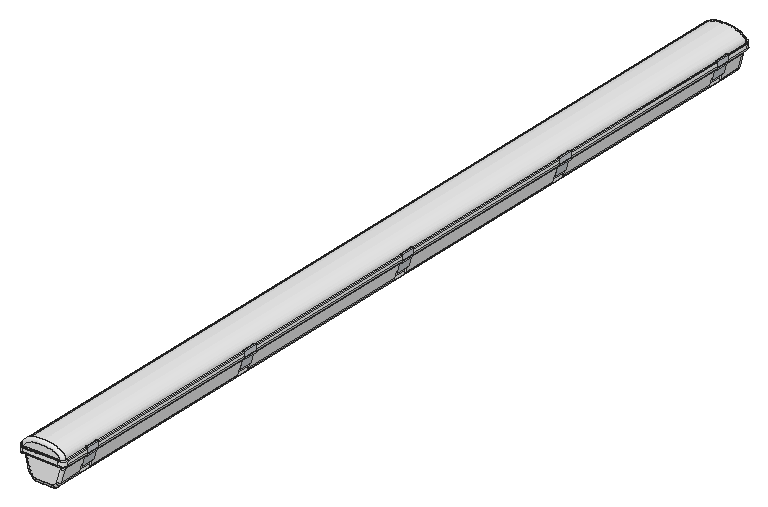
Revit family "0048714 Feilo Sylvania Lighting Fixture SYLPRF SUP LED G3 1500MM S 4K MW", category Lighting Fixtures, host Face, Revit 2016
Family settings
  Host = Face
  Part Type = Normal
  Round Connector Dimension = Use Diameter
  OmniClass Number = 23.80.70.11.14
  OmniClass Title = General Luminaries, Directional
  Cut with Voids When Loaded = No
  Light Source = Yes
  Shared = No
  Room Calculation Point = No
Parameters (values of type "0048714 SYLPRF SUP LED G3 1500MM S 4K MW")
  Width = 84 mm
  Weight = "2.08 kg"
  Wattage Comments = "n/a"
  Wattage = 31 W
  WarrantyStartDate [instance] = "n/a"
  WarrantyGuarantorParts = "n/a"
  WarrantyDurationUnit = "n/a"
  WarrantyDurationParts = "n/a"
  WarrantyDescription = "n/a"
  built-in parameter 1150110 = 1 (stored number, unit not read)
  Voltage = 230 V
  URL = "http://www.sylvania-lighting.com"
  TypeName = "SYLPRF SUP LED G3 1500MM S 4K MW"
  Type Image = <None>
  Type Comments = "n/a"
  built-in parameter 1114217 = 1 (stored number, unit not read)
  Tilt Angle = -90.00°
  built-in parameter 1150109 = 1 (stored number, unit not read)
  built-in parameter 1150134 = 12
  built-in parameter 1150113 = 1 (stored number, unit not read)
  SerialNumber [instance] = "n/a"
  ReflectorMaterial = none
  PowerFactor = 0
  PowerConsumption = "31 W"
  Photometric Web File = "0048714.ies"
  NominalWidth = 0 mm
  NominalLength = 1578 mm
  NominalHeight = 75 mm
  Name = "SYLPRF SUP LED G3 1500MM S 4K MW"
  ModelReference = "SYLPRF SUP LED G3 1500MM S 4K MW"
  ModelNumber = "0048714"
  Model = "SYLPRF SUP LED G3 1500MM S 4K MW"
  Material = "polycarbonate housing, polycarbonate diffuser"
  ManufacturerName = "Feilo Sylvania"
  Manufacturer = "Feilo Sylvania"
  LuminousEfficacy = "155 lm/W"
  built-in parameter 1150105 = 382.37 (stored number, unit not read)
  Lumens = 4805 lm
  LuminaireType = ""
  built-in parameter 1150115 = 1 (stored number, unit not read)
  LightOutputRatio = "n/a"
  built-in parameter 1150137 = (empty or 0)
  built-in parameter 1150139 = (empty or 0)
  Length = 1572 mm
  LampsType = Lamp  # "LED"
  LampNominalLuminous = "4800 lm"
  LampMacAdamStep = "3"
  LampColourTemperature = "4000 K"
  LampColourRenderingIndex = "80"
  built-in parameter 1150112 = 1 (stored number, unit not read)
  built-in parameter 1150114 = 1 (stored number, unit not read)
  Lamp = "LED"
  Keynote = "16500"
  InstallationDate [instance] = "n/a"
  InputVoltage = "220-240V~"
  InputNominalFrequency = "50/60 Hz"
  built-in parameter 1150132 = (empty or 0)
  built-in parameter 1150102 = (empty or 0)
  built-in parameter 1150107 = 4000 (stored number, unit not read)
  built-in parameter 1150138 = (empty or 0)
  IngressProtection = "IP65"
  ImpactProtectionIndex = "IK08"
  built-in parameter 1150106 = 3.8237 (stored number, unit not read)
  IfcExportType = "IfcLightFixtureType"
  IfcExportAs = "IfcLightFixtureType"
  ExpectedLife = 50000
  Emit from Rectangle Width = Width - 20 mm  # 64 mm
  Emit from Rectangle Length = Length - 20 mm  # 1552 mm
  Emit Shape Visible in Rendering = no
  ElectricShockClassification = "Class I"
  built-in parameter 1150104 = 14.4 (stored number, unit not read)
  DurationUnit = "hours"
  DocumentationLiterature = "http://www.sylvania-lighting.com/product/en-int/products/0048714"
  DimmingControlOptions = "Non dimmable"
  Dimming Lamp Color Temperature Shift = <None>
  DiffuserMaterial = Diffuser-Sylvania-Transparent
  Description = "Sylproof Superia, integrated LED weatherproof luminaire, with UV stabilized flat diffuser and linear prisms designed to achieve uniform lit appearance, optimise light output and to reduce glare, stainless steel diffuser clips and fixing brackets for surface and wall mounting. L 1578 mm x W 84 mm x H 75 mm size, Polycarbonate housing, Polycarbonate diffuser, Non dimmable,   4000K, CRI80,  4800 lm, 31 W, 155 lm/W, nominal average life (h):50000, energy class: A++ A+ A Class I,IK08, IP65."
  Default Elevation = 1219.2 mm
  CreatedOn = "3/27/2018"
  CreatedBy = "aron.fodor@feilosylvania.com"
  Cost = 0
  Color Filter = 16777215
  built-in parameter 1114216 [instance] = (empty or 0)
  ClassificationValue = "EF_70_80"
  ClassificationName = "Uniclass2015"
  BodyMaterial = Body-Sylvania-Gray
  BarCode [instance] = "n/a"
  built-in parameter 1114218 = 1 (stored number, unit not read)
  built-in parameter 1150133 = 10 (stored number, unit not read)
  AssetType = "Fixed"
  AssetIdentifier [instance] = "n/a"
  Assembly Code = "D5020200"
  Apparent Load = 31 VA
  AccessoryMaterial = Diffuser-Sylvania-Glow
Reference planes
  plane 1 "Center (Front/Back)": y = 0
  plane 2: z = 0
  plane 3 "Center (Left/Right)": x = 0
  plane 4: z = 54
  plane 5: x = -14.7
  plane 6: x = -21.8
  plane 7: x = -26.6
  plane 8: x = -29.2
  plane 9: z = 3
  plane 10: z = 7.8
  plane 11: z = 12.3
  plane 12: z = 36.6
  plane 13: z = 42.8
  plane 14: x = -38.1
  plane 15: z = 46.2
  plane 16: x = -42
  plane 17: y = 786
  plane 18: y = -786
  plane 19: x = 14.7
  plane 20: x = 21.8
  plane 21: x = 26.6
  plane 22: x = 29.2
  plane 23: x = 38.1
  plane 24: x = 42
  plane 25: y = 778.4
  plane 26: y = -778.4
  plane 27: y = -774.7
  plane 28: y = 774.7
  plane 29: z = 74
  plane 30: x = -38.5
  plane 31: x = 38.5
  plane 32: z = 55.2
  plane 33: y = -782.5
  plane 34: y = 782.5
  plane 35: x = -24.5
  plane 36: x = 24.5
  plane 37: x = -35.7
  plane 38: x = 35.7
  plane 39: z = 50.2
  plane 40: z = 24.6
  plane 41: y = -720
  plane 42: y = -734
  plane 43: y = -706
  plane 44: y = 720
  plane 45: y = -720
  plane 46: y = -734
  plane 47: y = -706
  plane 48: y = 720
  plane 49: y = 706
  plane 50: y = 734
  plane 51: y = -360
  plane 52: y = -374
  plane 53: y = -346
  plane 54: y = 0
  plane 55: y = -14
  plane 56: y = 14
  plane 57: y = 360
  plane 58: y = 346
  plane 59: y = 374
Forms (mm)
  Sweep 1, solid, material "Body-Sylvania-Gray" <- "BodyMaterial", detail levels medium+fine
    path origin (1223.4, -4572, 54) x (0, -1, 0) y (1, 0, 0)
      loop
        arc (-3796, -1265.4) -> (-3788.929, -1262.471) -> (-3786, -1255.4) r 10
        line (-3786, -1255.4) -> (-3786, -1191.4)
        arc (-3786, -1191.4) -> (-3788.929, -1184.329) -> (-3796, -1181.4) r 10
        line (-3796, -1181.4) -> (-5348, -1181.4)
        arc (-5348, -1181.4) -> (-5355.071, -1184.329) -> (-5358, -1191.4) r 10
        line (-5358, -1191.4) -> (-5358, -1255.4)
        arc (-5358, -1255.4) -> (-5355.071, -1262.471) -> (-5348, -1265.4) r 10
        line (-5348, -1265.4) -> (-3796, -1265.4)
    profile origin (-42, 0, 54) x (-1, 0, 0) y (0, 0, 1)
      loop
        line (0, 0) -> (-1, 0) -> (-1, -7.726)
        arc (-1, -7.726) -> (-1.994, -9.498) -> (-3.9, -10.2) r 2.937
        line (-3.9, -10.2) -> (-8.571, -10.2) -> (-8.571, -11.2) -> (-3.9, -11.2)
        arc (-3.9, -11.2) -> (-1.313, -10.231) -> (0, -7.8) r 3.937
        line (0, -7.8) -> (0, 0)
  Sweep 2, solid, material "Body-Sylvania-Gray" <- "BodyMaterial", detail levels medium+fine
    path origin (0, 0, 0) x (1, 0, 0) y (0, 0, 1)
      loop
        line (35.7, 42.8) -> (35.7, 36.6) -> (29.203, 12.31)
        arc (29.203, 12.31) -> (28.199, 9.884) -> (26.6, 7.8) r 10.052
        line (26.6, 7.8) -> (21.8, 3)
        arc (21.8, 3) -> (18.554, 0.781) -> (14.7, 0) r 9.902
        line (14.7, 0) -> (0, 0) -> (-14.7, 0)
        arc (-14.7, 0) -> (-18.554, 0.781) -> (-21.8, 3) r 9.902
        line (-21.8, 3) -> (-26.6, 7.8)
        arc (-26.6, 7.8) -> (-28.199, 9.884) -> (-29.203, 12.31) r 10.052
        line (-29.203, 12.31) -> (-35.7, 36.6) -> (-35.7, 42.8)
    profile origin (0, 0, 0) x (0, 0, -1) y (0, -1, 0)
      loop
        arc (0, 773.4) -> (-1.464, 776.936) -> (-5, 778.4) r 5
        line (-5, 778.4) -> (-7.8, 778.4) -> (-7.8, -778.4) -> (-5, -778.4)
        arc (-5, -778.4) -> (-1.464, -776.936) -> (0, -773.4) r 5
        line (0, -773.4) -> (0, 773.4)
  Extrusion 3, solid, material "Body-Sylvania-Gray" <- "BodyMaterial", detail levels medium+fine
    sketch origin (1524, 778.4, 1219.2) x (1, 0, 0) y (0, 0, 1)
      loop
        arc (-1545.668, -1204.874) -> (-1545.443, -1205.418) -> (-1545.085, -1205.885) r 2.252
        line (-1545.085, -1205.885) -> (-1540.231, -1210.738)
        arc (-1540.231, -1210.738) -> (-1539.534, -1211.227) -> (-1538.7, -1211.4) r 2.102
        line (-1538.7, -1211.4) -> (-1509.3, -1211.4)
        arc (-1509.3, -1211.4) -> (-1508.466, -1211.227) -> (-1507.769, -1210.738) r 2.102
        line (-1507.769, -1210.738) -> (-1502.915, -1205.885)
        arc (-1502.915, -1205.885) -> (-1502.557, -1205.418) -> (-1502.332, -1204.874) r 2.252
        line (-1502.332, -1204.874) -> (-1496.1, -1181.575) -> (-1496.1, -1176.4) -> (-1551.9, -1176.4) -> (-1551.9, -1181.575) -> (-1545.668, -1204.874)
    from 0 to 1556.8
  Sweep 4, solid, material "Diffuser-Sylvania-Transparent" <- "DiffuserMaterial", detail levels medium+fine
    path origin (0, 0, 0) x (1, 0, 0) y (0, 0, 1)
      loop
        spline (-38.5, 55.2) -> (-37.188, 60.066) -> (-33.342, 64.6) -> (-27.224, 68.494) -> (-19.25, 71.481) -> (-9.965, 73.359) -> (0, 74) -> (9.965, 73.359) -> (19.25, 71.481) -> (27.224, 68.494) -> (33.342, 64.6) -> (37.188, 60.066) -> (38.5, 55.2)
    profile origin (38.5, 0, 55.2) x (0, -1, 0) y (1, 0, 0)
      loop
        arc (782.5, -5.5) -> (780.889, -1.611) -> (777, 0) r 5.5
        line (777, 0) -> (-777, 0)
        arc (-777, 0) -> (-780.889, -1.611) -> (-782.5, -5.5) r 5.5
        line (-782.5, -5.5) -> (-782.5, -6.3) -> (-781.5, -6.3) -> (-781.5, -5.5)
        arc (-781.5, -5.5) -> (-780.182, -2.318) -> (-777, -1) r 4.5
        line (-777, -1) -> (777, -1)
        arc (777, -1) -> (780.182, -2.318) -> (781.5, -5.5) r 4.5
        line (781.5, -5.5) -> (781.5, -6.347) -> (782.5, -6.347) -> (782.5, -5.5)
  Extrusion 5, solid, material "Diffuser-Sylvania-Transparent" <- "DiffuserMaterial", detail levels medium+fine
    sketch origin (1524, -782.5, 1219.2) x (1, 0, 0) y (0, 0, 1)
      loop
        line (-1556.653, -1164) -> (-1491.347, -1164)
        spline (-1491.347, -1164) -> (-1491.939, -1161.945) -> (-1494.434, -1159.066) -> (-1499.342, -1155.96) -> (-1506.338, -1153.35) -> (-1514.799, -1151.648) -> (-1524, -1151.047) -> (-1533.201, -1151.648) -> (-1541.662, -1153.35) -> (-1548.658, -1155.96) -> (-1553.566, -1159.066) -> (-1556.061, -1161.945) -> (-1556.653, -1164)
    from 0 to -1
  Extrusion 6, solid, material "Diffuser-Sylvania-Transparent" <- "DiffuserMaterial", detail levels medium+fine
    sketch origin (1524, 782.5, 1219.2) x (1, 0, 0) y (0, 0, 1)
      loop
        spline (-1491.3, -1164) -> (-1491.898, -1161.922) -> (-1494.404, -1159.03) -> (-1499.322, -1155.918) -> (-1506.325, -1153.305) -> (-1514.793, -1151.602) -> (-1524, -1151) -> (-1533.207, -1151.602) -> (-1541.675, -1153.305) -> (-1548.678, -1155.918) -> (-1553.596, -1159.03) -> (-1556.102, -1161.922) -> (-1556.7, -1164)
        line (-1556.7, -1164) -> (-1491.3, -1164)
    from 0 to 1
  Extrusion 7, solid, material "Diffuser-Sylvania-Glow" <- "AccessoryMaterial", detail levels fine
    sketch origin (0, 0, 0) x (1, 0, 0) y (0, 0, 1)
      loop
        circle (0, 50.2) r 8
    from -774.7 to 774.7
  Extrusion 8, void
    sketch origin (0, -720, 2343.807) x (0, 0, -1) y (-1, 0, 0)
      loop
        line (2340.807, -24.5) -> (2331.507, -24.5) -> (2319.207, -29.2) -> (2319.207, -35.7) -> (2340.807, -35.7) -> (2340.807, -24.5)
      loop
        line (2340.807, 24.5) -> (2340.807, 35.7) -> (2319.207, 35.7) -> (2319.207, 29.2) -> (2331.507, 24.5) -> (2340.807, 24.5)
    from 14 to -14
  Extrusion 9, void, not visible
    sketch origin (0, -720, 2343.807) x (0, 0, -1) y (-1, 0, 0)
      loop
        line (2340.807, -24.5) -> (2331.507, -24.5) -> (2319.207, -29.2) -> (2319.207, -35.7) -> (2340.807, -35.7) -> (2340.807, -24.5)
      loop
        line (2340.807, 24.5) -> (2340.807, 35.7) -> (2319.207, 35.7) -> (2319.207, 29.2) -> (2331.507, 24.5) -> (2340.807, 24.5)
    from 14 to -14
  Extrusion 10, void
    sketch origin (0, 720, 2343.807) x (0, 0, -1) y (-1, 0, 0)
      loop
        line (2340.807, -24.5) -> (2331.507, -24.5) -> (2319.207, -29.2) -> (2319.207, -35.7) -> (2340.807, -35.7) -> (2340.807, -24.5)
      loop
        line (2340.807, 24.5) -> (2340.807, 35.7) -> (2319.207, 35.7) -> (2319.207, 29.2) -> (2331.507, 24.5) -> (2340.807, 24.5)
    from 14 to -14
  Extrusion 11, void
    sketch origin (0, -360, 2343.807) x (0, 0, -1) y (-1, 0, 0)
      loop
        line (2340.807, -24.5) -> (2331.507, -24.5) -> (2319.207, -29.2) -> (2319.207, -35.7) -> (2340.807, -35.7) -> (2340.807, -24.5)
      loop
        line (2340.807, 24.5) -> (2340.807, 35.7) -> (2319.207, 35.7) -> (2319.207, 29.2) -> (2331.507, 24.5) -> (2340.807, 24.5)
    from 14 to -14
  Extrusion 12, void
    sketch origin (0, 0, 2343.807) x (0, 0, -1) y (-1, 0, 0)
      loop
        line (2340.807, -24.5) -> (2331.507, -24.5) -> (2319.207, -29.2) -> (2319.207, -35.7) -> (2340.807, -35.7) -> (2340.807, -24.5)
      loop
        line (2340.807, 24.5) -> (2340.807, 35.7) -> (2319.207, 35.7) -> (2319.207, 29.2) -> (2331.507, 24.5) -> (2340.807, 24.5)
    from 14 to -14
  Extrusion 13, void
    sketch origin (0, 360, 2343.807) x (0, 0, -1) y (-1, 0, 0)
      loop
        line (2340.807, -24.5) -> (2331.507, -24.5) -> (2319.207, -29.2) -> (2319.207, -35.7) -> (2340.807, -35.7) -> (2340.807, -24.5)
      loop
        line (2340.807, 24.5) -> (2340.807, 35.7) -> (2319.207, 35.7) -> (2319.207, 29.2) -> (2331.507, 24.5) -> (2340.807, 24.5)
    from 14 to -14
  Extrusion 14, solid, material "Diffuser-Sylvania-Transparent" <- "DiffuserMaterial", detail levels medium+fine
    sketch origin (1223.4, -4572, 54) x (0, -1, 0) y (-1, 0, 0)
      loop
        arc (-5348, 1265.4) -> (-5355.071, 1262.471) -> (-5358, 1255.4) r 10
        line (-5358, 1255.4) -> (-5358, 1191.4)
        arc (-5358, 1191.4) -> (-5355.071, 1184.329) -> (-5348, 1181.4) r 10
        line (-5348, 1181.4) -> (-3796, 1181.4)
        arc (-3796, 1181.4) -> (-3788.929, 1184.329) -> (-3786, 1191.4) r 10
        line (-3786, 1191.4) -> (-3786, 1255.4)
        arc (-3786, 1255.4) -> (-3788.929, 1262.471) -> (-3796, 1265.4) r 10
        line (-3796, 1265.4) -> (-5348, 1265.4)
      loop
        arc (-5354.5, 1190.394) -> (-5352.887, 1186.509) -> (-5349, 1184.9) r 5.5
        line (-5349, 1184.9) -> (-3795, 1184.9)
        arc (-3795, 1184.9) -> (-3791.113, 1186.509) -> (-3789.5, 1190.394) r 5.5
        line (-3789.5, 1190.394) -> (-3789.5, 1256.406)
        arc (-3789.5, 1256.406) -> (-3791.113, 1260.291) -> (-3795, 1261.9) r 5.5
        line (-3795, 1261.9) -> (-5349, 1261.9)
        arc (-5349, 1261.9) -> (-5352.887, 1260.291) -> (-5354.5, 1256.406) r 5.5
        line (-5354.5, 1256.406) -> (-5354.5, 1190.394)
    from 0 to -1.2
  Extrusion 15, solid, material "Body-Sylvania-Gray" <- "BodyMaterial", detail levels coarse
    sketch origin (0, 0, 0) x (1, 0, 0) y (0, 0, 1)
      loop
        line (-42, 55.2) -> (-42, 42.8) -> (-26.6, 0) -> (26.6, 0) -> (42, 42.8) -> (42, 55.2) -> (-42, 55.2)
    from -786 to 786
  Extrusion 16, solid, material "Diffuser-Sylvania-Transparent" <- "DiffuserMaterial", detail levels coarse
    sketch origin (0, 0, 0) x (1, 0, 0) y (0, 0, 1)
      loop
        line (-38.5, 55.2) -> (38.5, 55.2)
        arc (38.5, 55.2) -> (0, 74) -> (-38.5, 55.2) r 48.822
    from -778.4 to 778.4
Cuts and joins
  Extrusion 8, Extrusion 10, Extrusion 11, Extrusion 12, Extrusion 13 cuts Sweep 2
  Extrusion 8, Extrusion 10, Extrusion 11, Extrusion 12, Extrusion 13 cuts Extrusion 3
  joined: Sweep 2, Extrusion 3
  joined: Sweep 4, Extrusion 5, Extrusion 6, Extrusion 14
Dimensions and locks
  locked: plane 4 to plane 2 at 54
  plane 5 to plane 6 to plane 7 to plane 8 to plane 14 to plane 16 = 7.1 mm locked, 4.8 mm locked, 2.6 mm locked, 8.9 mm locked, 3.9 mm locked
  plane 4 to plane 15 to plane 13 to plane 12 to plane 11 to plane 10 to plane 9 = 7.8 mm locked, 3.4 mm, 6.2 mm locked, 24.3 mm locked, 4.5 mm locked, 4.8 mm locked
  equal spacing: plane 18, plane 1 "Center (Front/Back)", plane 17
  "Length": plane 18 to plane 17
  plane 19 to plane 20 to plane 21 to plane 22 to plane 23 to plane 24 = 7.1 mm locked, 4.8 mm locked, 2.6 mm locked, 8.9 mm, 3.9 mm
  equal spacing: plane 24, plane 3 "Center (Left/Right)", plane 16
  "Width": plane 24 to plane 16
  equal spacing: plane 27, plane 1 "Center (Front/Back)", plane 28
  locked: plane 26 to plane 27 at 3.7
  locked: Sweep 1 sketch curve to profile plane at 1
  locked: Sweep 1 sketch curve to plane 13 at 1
  locked: Sweep 1 sketch curve to plane 13 at 3.937  (x2)
  locked: Sweep 1 sketch curve to profile plane at 3.9  (x2)
  plane 29 to plane 4 = 20 mm
  equal spacing: plane 31, plane 3 "Center (Left/Right)", plane 30
  locked: plane 30 to plane 16 at 3.5
  locked: plane 32 to plane 4 at 1.2
  equal spacing: plane 33, plane 1 "Center (Front/Back)", plane 34
  equal spacing: plane 36, plane 3 "Center (Left/Right)", plane 35
  locked: plane 34 to plane 17 at 3.5
  equal spacing: plane 38, plane 3 "Center (Left/Right)", plane 37
  locked: plane 37 to plane 16 at 6.3
  equal spacing: plane 25, plane 1 "Center (Front/Back)", plane 26
  locked: plane 17 to plane 25 at 7.6
  locked: Sweep 2 sketch curve to plane 2 at 5  (x2)
  locked: Sweep 2 sketch curve to plane 26 at 5
  locked: plane 25 to Sweep 2 sketch curve at 5
  locked: Sweep 4 sketch curve to plane 31 at 5.5  (x2)
  locked: Sweep 4 sketch curve to plane 34 at 5.5
  plane 33 to Sweep 4 sketch curve = 5.5 mm
  locked: plane 34 to Sweep 4 sketch curve at 1
  locked: Sweep 4 sketch curve to plane 31 at 1
  locked: Sweep 4 sketch curve to Sweep 4 sketch curve at 1
  locked: Sweep 4 sketch curve to plane 31 at 6.347
  locked: Sweep 4 sketch curve to plane 31 at 6.3
  locked: plane 40 to plane 2 at 24.6
  locked: plane 6 to plane 35 at 2.7
  locked: plane 1 "Center (Front/Back)" to plane 41 at 720
  plane 43 to plane 41 to plane 42 = 14 mm locked, 14 mm locked
  locked: plane 44 to plane 1 "Center (Front/Back)" at 720
  plane 47 to plane 45 to plane 46 = 14 mm locked, 14 mm locked
  plane 50 to plane 48 to plane 49 = 14 mm locked, 14 mm locked  (x2)
  equal spacing: group 1, group 6, group 7, group 8, group 5  (x3)
  plane 53 to plane 51 to plane 52 = 14 mm locked, 14 mm locked  (x2)
  plane 56 to plane 54 to plane 55 = 14 mm locked, 14 mm locked  (x2)
  plane 59 to plane 57 to plane 58 = 14 mm locked, 14 mm locked  (x2)
  plane 48 to plane 57 to plane 1 "Center (Front/Back)" to plane 51 to plane 41 = 360 mm locked, 360 mm locked, 360 mm locked, 360 mm locked
  aligned and locked: plane 2 to host face
  aligned and locked: level to host face
  aligned and locked: plane 16 to Sweep 1 sketch curve
  aligned and locked: Sweep 1 sketch curve to plane 24
  aligned and locked: plane 18 to Sweep 1 sketch curve
  aligned and locked: Sweep 1 sketch curve to plane 13
  aligned and locked: profile plane to Sweep 1 sketch curve
  aligned and locked: plane 3 "Center (Left/Right)" to Sweep 2 sketch curve
  aligned and locked: plane 9 to Sweep 2 sketch curve
  aligned and locked: plane 10 to Sweep 2 sketch curve
  aligned and locked: plane 37 to Sweep 2 sketch curve
  aligned and locked: plane 12 to Sweep 2 sketch curve
  aligned and locked: Sweep 2 sketch curve to level
  aligned and locked: plane 21 to Sweep 2 sketch curve
  aligned and locked: plane 38 to Sweep 2 sketch curve
  aligned and locked: profile plane to Sweep 2 sketch curve
  aligned and locked: plane 25 to Sweep 2 sketch curve
  aligned and locked: Sweep 2 sketch curve to plane 10
  aligned and locked: Extrusion 3 sketch curve to Sweep 2  (x7)
  aligned and locked: Sweep 2 to Extrusion 3 sketch curve
  aligned and locked: Extrusion 3 to plane 25
  aligned and locked: plane 26 to Extrusion 3
  aligned and locked: plane 32 to Sweep 4 sketch curve
  aligned and locked: plane 33 to Sweep 4 sketch curve
  aligned and locked: Sweep 4 to Extrusion 5
  aligned and locked: plane 33 to Extrusion 5
  aligned and locked: plane 39 to Extrusion 7 sketch curve
  aligned and locked: plane 27 to Extrusion 7
  aligned and locked: Extrusion 7 to plane 28
  aligned and locked: Extrusion 6 sketch curve to Sweep 4
  aligned and locked: Extrusion 5 sketch curve to Sweep 4
  aligned and locked: Extrusion 8 to plane 43
  aligned and locked: plane 42 to Extrusion 8
  aligned and locked: Extrusion 10 to plane 50
  aligned and locked: plane 49 to Extrusion 10
  aligned and locked: Extrusion 11 to plane 53
  aligned and locked: plane 52 to Extrusion 11
  aligned and locked: Extrusion 12 to plane 56
  aligned and locked: plane 55 to Extrusion 12
  aligned and locked: Extrusion 13 to plane 59
  aligned and locked: plane 58 to Extrusion 13
  aligned and locked: plane 3 "Center (Left/Right)" to Extrusion 7 sketch curve
  aligned and locked: Extrusion 14 sketch curve to Sweep 1  (x4)
  aligned and locked: Extrusion 14 to plane 32
  aligned and locked: plane 4 to Extrusion 14
  aligned and locked: plane 48 to nested 1
  aligned and locked: plane 57 to nested 2
  aligned and locked: plane 54 to nested 3
  aligned and locked: nested 4 to plane 51
  aligned and locked: nested 5 to plane 41
  aligned and locked: plane 41 to nested 10
  aligned and locked: plane 51 to nested 9
  aligned and locked: plane 54 to nested 8
  aligned and locked: plane 57 to nested 7
  aligned and locked: plane 48 to nested 6
  aligned and locked: plane 1 "Center (Front/Back)" to imposter light
  aligned and locked: plane 3 "Center (Left/Right)" to imposter light
  aligned and locked: imposter light to plane 29
  aligned and locked: plane 7 to Extrusion 15 sketch curve
  aligned and locked: plane 2 to Extrusion 15 sketch curve
  aligned and locked: Extrusion 15 sketch curve to nested 6
  aligned and locked: Extrusion 15 sketch curve to nested 1
  aligned and locked: plane 18 to Extrusion 15
  aligned and locked: Extrusion 15 to plane 17
  aligned and locked: Extrusion 15 to Sweep 1  (x2)
  aligned and locked: plane 30 to Extrusion 16 sketch curve
  aligned and locked: plane 31 to Extrusion 16 sketch curve
  aligned and locked: Extrusion 16 sketch curve to cut or joined group of Sweep 4, Extrusion 5, Extrusion 6, Extrusion 14
  aligned and locked: Extrusion 16 to plane 25
  aligned and locked: plane 26 to Extrusion 16
Automatic sketch dimensions
  host sketch curve to host sketch curve = 2438.4 mm  (x2)
  plane 17 to Sweep 1 sketch curve = 0 mm
  Sweep 1 sketch curve to plane 28 = 1.3 mm
  Sweep 1 sketch curve to plane 7 = 5.4 mm
  plane 27 to Sweep 1 sketch curve = 1.3 mm  (x2)
  Sweep 1 sketch curve to Sweep 1 sketch curve = 4.671 mm
  Sweep 1 sketch curve to plane 4 = 0 mm
  Sweep 2 sketch curve to plane 7 = 0 mm
  Sweep 2 sketch curve to plane 6 = 0 mm
  Sweep 2 sketch curve to plane 5 = 0 mm
  plane 19 to Sweep 2 sketch curve = 0 mm
  Sweep 2 sketch curve to plane 9 = 0 mm
  plane 20 to Sweep 2 sketch curve = 0 mm
  Sweep 2 sketch curve to plane 12 = 0 mm
  Sweep 2 sketch curve to plane 10 = 0 mm
  Sweep 2 sketch curve to plane 13 = 0 mm  (x2)
  Sweep 2 sketch curve to plane 8 = 0.003 mm
  plane 6 to Sweep 2 sketch curve = 2.308 mm
  plane 20 to Sweep 2 sketch curve = 2.308 mm
  Sweep 2 sketch curve to plane 22 = 0.003 mm
  Sweep 2 sketch curve to plane 11 = 0.01 mm  (x2)
  Extrusion 3 sketch curve to plane 5 = 0 mm
  plane 19 to Extrusion 3 sketch curve = 0 mm
  plane 6 to Extrusion 3 sketch curve = 0.132 mm
  plane 6 to Extrusion 3 sketch curve = 0.715 mm
  Extrusion 3 sketch curve to Extrusion 3 sketch curve = 1.592 mm
  Extrusion 3 sketch curve to plane 10 = 0.662 mm  (x2)
  plane 20 to Extrusion 3 sketch curve = 2.308 mm
  plane 20 to Extrusion 3 sketch curve = 0.715 mm
  plane 20 to Extrusion 3 sketch curve = 0.132 mm
  Sweep 4 sketch curve to plane 30 = 0 mm
  Sweep 4 sketch curve to plane 3 "Center (Left/Right)" = 0 mm
  Sweep 4 sketch curve to Sweep 4 sketch curve = 0 mm  (x2)
  plane 37 to Extrusion 6 sketch curve = 3 mm
  Extrusion 6 sketch curve to plane 38 = 3 mm
  plane 37 to Extrusion 5 sketch curve = 3.047 mm
  Extrusion 5 sketch curve to plane 38 = 3.047 mm
  Extrusion 8 sketch curve to Extrusion 8 sketch curve = 0 mm
  Extrusion 8 sketch curve to Extrusion 8 sketch curve = 12.3 mm  (x2)
  Extrusion 8 sketch curve to Extrusion 8 sketch curve = 9.3 mm  (x2)
  Extrusion 8 sketch curve to Extrusion 8 sketch curve = 6.5 mm  (x2)
  Extrusion 8 sketch curve to Extrusion 8 sketch curve = 4.7 mm  (x2)
  Extrusion 8 sketch curve to Extrusion 8 sketch curve = 49 mm
  Extrusion 9 sketch curve to Extrusion 9 sketch curve = 0 mm
  Extrusion 9 sketch curve to Extrusion 9 sketch curve = 12.3 mm  (x2)
  Extrusion 9 sketch curve to Extrusion 9 sketch curve = 9.3 mm  (x2)
  Extrusion 9 sketch curve to Extrusion 9 sketch curve = 6.5 mm  (x2)
  Extrusion 9 sketch curve to Extrusion 9 sketch curve = 4.7 mm  (x2)
  Extrusion 9 sketch curve to Extrusion 9 sketch curve = 49 mm
  Extrusion 10 sketch curve to Extrusion 10 sketch curve = 0 mm
  Extrusion 10 sketch curve to Extrusion 10 sketch curve = 12.3 mm  (x2)
  Extrusion 10 sketch curve to Extrusion 10 sketch curve = 9.3 mm  (x2)
  Extrusion 10 sketch curve to Extrusion 10 sketch curve = 6.5 mm  (x2)
  Extrusion 10 sketch curve to Extrusion 10 sketch curve = 4.7 mm  (x2)
  Extrusion 10 sketch curve to Extrusion 10 sketch curve = 49 mm
  Extrusion 11 sketch curve to Extrusion 11 sketch curve = 0 mm
  Extrusion 11 sketch curve to Extrusion 11 sketch curve = 12.3 mm  (x2)
  Extrusion 11 sketch curve to Extrusion 11 sketch curve = 9.3 mm  (x2)
  Extrusion 11 sketch curve to Extrusion 11 sketch curve = 6.5 mm  (x2)
  Extrusion 11 sketch curve to Extrusion 11 sketch curve = 4.7 mm  (x2)
  Extrusion 11 sketch curve to Extrusion 11 sketch curve = 49 mm
  Extrusion 12 sketch curve to Extrusion 12 sketch curve = 0 mm
  Extrusion 12 sketch curve to Extrusion 12 sketch curve = 12.3 mm  (x2)
  Extrusion 12 sketch curve to Extrusion 12 sketch curve = 9.3 mm  (x2)
  Extrusion 12 sketch curve to Extrusion 12 sketch curve = 6.5 mm  (x2)
  Extrusion 12 sketch curve to Extrusion 12 sketch curve = 4.7 mm  (x2)
  Extrusion 12 sketch curve to Extrusion 12 sketch curve = 49 mm
  Extrusion 13 sketch curve to Extrusion 13 sketch curve = 0 mm
  Extrusion 13 sketch curve to Extrusion 13 sketch curve = 12.3 mm  (x2)
  Extrusion 13 sketch curve to Extrusion 13 sketch curve = 9.3 mm  (x2)
  Extrusion 13 sketch curve to Extrusion 13 sketch curve = 6.5 mm  (x2)
  Extrusion 13 sketch curve to Extrusion 13 sketch curve = 4.7 mm  (x2)
  Extrusion 13 sketch curve to Extrusion 13 sketch curve = 49 mm
  Extrusion 14 sketch curve to plane 34 = 0 mm
  plane 30 to Extrusion 14 sketch curve = 0 mm
  Extrusion 14 sketch curve to plane 31 = 0 mm
  plane 33 to Extrusion 14 sketch curve = 0 mm
  plane 25 to Extrusion 14 sketch curve = 1.4 mm  (x4)
  Extrusion 14 sketch curve to plane 26 = 1.4 mm  (x4)
  plane 37 to Extrusion 14 sketch curve = 2.694 mm  (x2)
  Extrusion 14 sketch curve to plane 38 = 2.694 mm  (x2)
  plane 21 to Extrusion 15 sketch curve = 0 mm
  Extrusion 15 sketch curve to plane 13 = 0 mm  (x2)
  Extrusion 15 sketch curve to plane 32 = 0 mm
  Extrusion 16 sketch curve to plane 40 = 0.578 mm
  radius of Extrusion 7 sketch curve = 8 mm
Nested families
  nested 1: "Clip" at (-29.2, 720, 24.6) x (-1, 0, 0) z (0, 0, 1), type "Clip", detail levels fine
  nested 2: "Clip" at (-29.2, 360, 24.6) x (-1, 0, 0) z (0, 0, 1), type "Clip", detail levels fine
  nested 3: "Clip" at (-29.2, 0, 24.6) x (-1, 0, 0) z (0, 0, 1), type "Clip", detail levels fine
  nested 4: "Clip" at (-29.2, -360, 24.6) x (-1, 0, 0) z (0, 0, 1), type "Clip", detail levels fine
  nested 5: "Clip" at (-29.2, -720, 24.6) x (-1, 0, 0) z (0, 0, 1), type "Clip", detail levels fine
  nested 6: "Clip" at (29.2, 720, 24.6), type "Clip", detail levels fine
  nested 7: "Clip" at (29.2, 360, 24.6), type "Clip", detail levels fine
  nested 8: "Clip" at (29.2, 0, 24.6), type "Clip", detail levels fine
  nested 9: "Clip" at (29.2, -360, 24.6), type "Clip", detail levels fine
  nested 10: "Clip" at (29.2, -720, 24.6), type "Clip", detail levels fine
Connectors
  electrical at (0, 0, 0), driven by "Apparent Load"
    settings: index 1, voltage 230 V, apparent load 31 VA, apparent load phase1 0 VA, apparent load phase2 0 VA, apparent load phase3 0 VA, power factor 0, load classification "Lighting", number of poles 1, system type 30, power factor state 1, is connector primary yes, connector utility no, sub classification motor no, connector description ""
Definition of nested family "Clip"
  Parameters (values of type "Clip")
    URL = "http://www.feilosylvania.com"
    Type Comments = "n/a"
    Model = "n/a"
    Manufacturer = "Feilo Sylvania"
    Keynote = "n/a"
    Description = "n/a"
    Default Elevation = 1219.2 mm
    Cost = 0
    BodyMaterial = none
    Assembly Code = "n/a"
  Reference planes
    plane 1 "Center (Front/Back)": y = 0
    plane 2: z = 0
    plane 3 "Center (Left/Right)": x = 0
    plane 4: x = 3.3
    plane 5: x = 6.5
    plane 6: x = 8.9
    plane 7: x = 12.8
    plane 8: z = 12
    plane 9: z = 18.2
    plane 10: z = 21.6
    plane 11: z = 30.6
    plane 12: x = 9.3
    plane 13: z = 19.2
    plane 14: z = 16.2
    plane 15: x = 10.1
    plane 16: y = 12
    plane 17: y = -12
  Forms (mm)
    Extrusion 1, solid
      sketch origin (-0.8, 0, 0) x (1, 0, 0) y (0, 1, 0)
        loop
          line (-1219.2, 1219.2) -> (-1219.2, -1219.2) -> (1219.2, -1219.2) -> (1219.2, 1219.2) -> (-1219.2, 1219.2)
      from 0 to -304.8
    Extrusion 2, solid
      sketch origin (0, 0, 0) x (1, 0, 0) y (0, 0, 1)
        loop
          line (8.9, 16.2) -> (4.58, 0) -> (0, 0) -> (0, -0.8) -> (5.195, -0.8) -> (9.603, 15.731) -> (13.6, 18.806) -> (13.6, 30.6)
          arc (13.6, 30.6) -> (11.45, 32.75) -> (9.3, 30.6) r 2.15
          line (9.3, 30.6) -> (10.1, 30.6)
          arc (10.1, 30.6) -> (11.45, 31.95) -> (12.8, 30.6) r 1.35
          line (12.8, 30.6) -> (12.8, 19.2) -> (8.9, 16.2)
      from -12 to 12
  Lines and regions (mm)
    reference lines
      curve 1: line (3.3, 0, 0) -> (6.5, 0, 12)
      curve 2: arc (8.9, 0, 18.2) -> (11.488, 0, 19.169) -> (12.8, 0, 21.6) r 3.934
  Dimensions and locks
    plane 7 to plane 6 to plane 5 to plane 4 to plane 3 "Center (Left/Right)" = 3.9 mm locked, 2.4 mm locked, 3.2 mm locked, 3.3 mm locked
    plane 11 to plane 10 to plane 9 to plane 8 to plane 2 = 9 mm locked, 3.4 mm locked, 6.2 mm locked, 12 mm locked
    locked: plane 7 to plane 12 at 3.5
    locked: plane 13 to plane 9 at 1
    locked: plane 9 to plane 14 at 2
    locked: plane 15 to plane 12 at 0.8
    locked: plane 2 to Extrusion 2 sketch curve at 0.8
    locked: Extrusion 2 sketch curve to Extrusion 2 sketch curve at 0.8  (x3)
    locked: plane 7 to Extrusion 2 sketch curve at 1.35
    equal spacing: plane 17, plane 1 "Center (Front/Back)", plane 16
    locked: plane 1 "Center (Front/Back)" to plane 16 at 12
    aligned and locked: plane 2 to Extrusion 1
    aligned and locked: level to Extrusion 1
    aligned and locked: plane 4 to curve 1
    aligned and locked: plane 5 to curve 1
    aligned and locked: plane 6 to curve 2
    aligned and locked: plane 10 to curve 2
    aligned and locked: plane 14 to Extrusion 2 sketch curve
    aligned and locked: plane 13 to Extrusion 2 sketch curve
    aligned and locked: plane 7 to Extrusion 2 sketch curve
    aligned and locked: plane 3 "Center (Left/Right)" to Extrusion 2 sketch curve
    aligned and locked: Extrusion 2 sketch curve to level
    aligned and locked: Extrusion 2 sketch curve to plane 11
    aligned and locked: plane 11 to Extrusion 2 sketch curve
    aligned and locked: Extrusion 2 to plane 16
    aligned and locked: plane 17 to Extrusion 2
  Automatic sketch dimensions
    Extrusion 1 sketch curve to Extrusion 1 sketch curve = 2438.4 mm  (x2)
    curve 2 to plane 7 = 0 mm
    curve 1 to level = 0 mm
    curve 1 to plane 8 = 0 mm
    curve 2 to plane 9 = 0 mm
    plane 6 to curve 2 = 0.002 mm
    Extrusion 2 sketch curve to Extrusion 2 sketch curve = 0 mm
    Extrusion 2 sketch curve to plane 6 = 0 mm
    plane 4 to Extrusion 2 sketch curve = 1.28 mm
